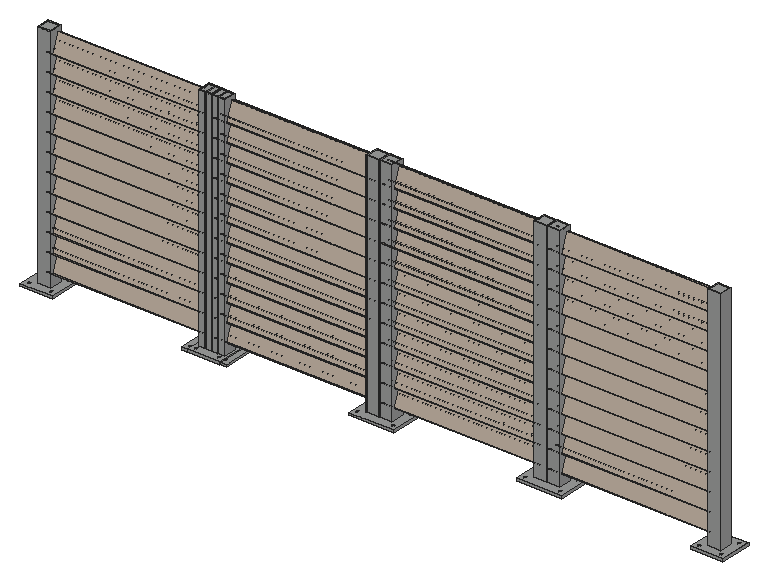
Revit family "LOUVERED_VINYL_PLANK_PANEL_ARRAY", category Specialty Equipment, Revit 2026
Family settings
  Round Connector Dimension = Use Diameter
  Part Type = Normal
  Classification Number = 23.55.00.00
  Enable Cutting in Views = No
  Cut with Voids When Loaded = No
  Maintain Annotation Orientation = No
  Shared = No
  Room Calculation Point = No
Parameters (values of type "Assembly")
  Warranty URL = "https://palmshieldlouvers.com/wp-content/uploads/2020/01/PalmSHIELD-Warranty-NO-SIGN-LINE.pdf"
  Version = "2020 - v1.0a"  # constant formula
  URL = "https://palmshieldlouvers.com/"
  Type Comments = ""
  Start Post [instance] = yes
  Product Page URL = "https://palmshieldlouvers.com/products/mercury-eco-louvers/"
  Product Documentation Link = "https://palmshieldlouvers.com/wp-content/uploads/2022/01/Mercury-Economic-Aluminum-Vinyl-Technical-Data.pdf"
  Post Finish = Metal - PalmSHIELD - Dusty Grey
  Panel Width [instance] = if(Desired Panel Width > C Max Panel Width, C Max Panel Width, if(Desired Panel Width < C Min Panel Width, C Min Panel Width, Desired Panel Width))  # 4' - 0"
  Panel Height [instance] = if(Desired Panel Height > C Max Panel Height, C Max Panel Height, if(Desired Panel Height < C Min Panel Height, C Min Panel Height, Desired Panel Height))  # 6' - 0"
  Model = "Mercury Economic Louver - Vinyl"  # constant formula
  Manufacturer Phone Number = "531-329-4406 "  # constant formula
  Manufacturer Email = "mailto: info@palmshieldlouvers.com"
  Manufacturer Address = "12330 Cary Circle, La Vista, NE 68128"  # constant formula
  Manufacturer = "PalmSHIELD"  # constant formula
  Louver Finsh = Metal - PalmSHIELD - Grey Beige
  Start Post Position [instance] = 1
  Keynote = "05 10 00"
  Instruction Sheet Link = "https://palmshieldlouvers.com/wp-content/uploads/2021/09/PalmSHIELD-Mercury-Series-Post-Panel-Gate-Installation-Instructions-2.docx"
  ID [instance] = "Not Assigned"
  Frame Finish = Metal - PalmSHIELD - Dusty Grey
  Filler Panel [instance] = yes
  End Post Position [instance] = 1
  End Post [instance] = yes
  Desired Panel Width [instance] = 4' - 0"
  Desired Panel Height [instance] = 6' - 0"
  Real Length [instance] = if([built-in parameter 1001306] < (C Post Width + C Min Panel Width), (C Post Width + C Min Panel Width), [built-in parameter 1001306])  # 17' - 4"
  Description = "Mercury Economic Louver - Vinyl"  # constant formula
  built-in parameter 1001306 [instance] = 17' - 4"
  Copyright = "Copyright ©2024 The American Fence Company and PalmSHIELD. All Rights Reserved."  # constant formula
  Component Name [instance] = "Mercury Economic Louver - Vinyl"  # constant formula
  C Single Post [instance] = if(C Condition Double, 1 = 1, if(and(End Post, C Condition Single), 1 = 1, 1 = 0))  # no
  C Single Panel [instance] = or(C Condition Double, C Condition Single)  # no
  C Post Width [instance] = 0' - 4"  # constant formula
  C Multiple Post [instance] = (C Condition Multiple)  # yes
  C Multiple Panels [instance] = (C Condition Multiple)  # yes
  C Min Panel Width [instance] = 4' - 0"  # constant formula
  C Min Panel Height [instance] = C Min Panel Width  # 4' - 0"
  C Max Panel Width [instance] = 5' - 0"  # constant formula
  C Max Panel Height [instance] = 8' - 0"  # constant formula
  C Filler Post [instance] = and(not(C Condition Single), Filler Panel, End Post, or(C Filler Panel Width = C Min Panel Width, C Filler Panel Width > C Min Panel Width))  # yes
  C Filler Panel Width Calculated [instance] = Real Length - C Calculated Total Length - Panel Width - C Post Width  # 4' - 0"
  C Filler Panel Width [instance] = if(C Filler Panel Width Calculated < C Min Panel Width, C Min Panel Width, if(C Filler Panel Width Calculated > C Max Panel Width, C Max Panel Width, C Filler Panel Width Calculated))  # 4' - 0"
  C Filler Panel [instance] = and(not(C Condition Single), Filler Panel, or(C Filler Panel Width = C Min Panel Width, C Filler Panel Width > C Min Panel Width))  # yes
  C Condition Single [instance] = C Array Count < 1  # no
  C Condition Multiple [instance] = C Array Count > 1  # yes
  C Condition Double [instance] = C Array Count = 1  # no
  C Complete Post [instance] = and(not(C Condition Single), not(Filler Panel), End Post)  # no
  C Complete Panel [instance] = and(not(C Condition Single), not(Filler Panel))  # no
  C Calculated Total Length [instance] = if(C Array Count < 1, 0' 0", if(C Array Count = 1, C Post Width, Panel Width * (C Array Safe - 1) + C Post Width * (C Array Safe)))  # 9' - 0"
  C Calculated Filler Panel Length [instance] = if(C Array Count < 1, 0' 0", if(or(C Array Count = 2, C Array Count = 1), C Post Width, if(Filler Panel, (C Calculated Total Length - C Post Width - C Filler Panel Width), (C Calculated Total Length - C Post Width - Panel Width))))  # 4' - 8"
  C Array Safe [instance] = if(C Array Count < 2, 2, C Array Count)  # 3
  C Array Count [instance] = if(Filler Panel, roundup(((Real Length - C Min Panel Width) / (Panel Width + C Post Width)) - 1), roundup(((Real Length - (Panel Width)) / (Panel Width + C Post Width)) - 1))  # 3
  Assembly Code = "F1020100"
Reference planes (in)
  plane 1 "Center (Front/Back)": y = 0
  plane 2: z = 0
  plane 3 "Left": x = 0
  plane 4 "Right": x = 208
  plane 5 "Top": z = 72
  plane 6: x = 48
  plane 7: x = 52
  plane 8: x = 100
  plane 9: x = 104
  plane 10: x = -4
  plane 11: x = 156
  plane 12: x = 52
  plane 13: x = 204
  plane 14: x = 204
  plane 15: x = -2
  plane 16: x = 208
  plane 17: x = 206
  plane 18: x = 206
  plane 19: x = 208
  plane 20: x = 50
  plane 21: x = 102
  plane 22: y = -2
  plane 23: y = 2
Lines and regions (in)
  reference lines
    curve 1: line (0, 0, 0) -> (208, 0, 0)
Dimensions and locks (in)
  "built-in parameter 1001306": plane 3 "Left" to plane 4 "Right"
  "Panel Width": plane 6 to plane 3 "Left"
  "C Post Width": plane 7 to plane 6
  "Panel Width": plane 8 to plane 7
  "C Post Width": plane 9 to plane 8
  "C Post Width": plane 3 "Left" to plane 10
  "C Calculated Filler Panel Length": plane 12 to plane 10
  "C Filler Panel Width": plane 13 to plane 11
  "Panel Width": plane 14 to plane 11
  "C Calculated Total Length": plane 11 to plane 6
  equal spacing: plane 10, plane 15, plane 3 "Left"
  equal spacing: plane 16, plane 17, plane 13
  "C Post Width": plane 16 to plane 13
  equal spacing: plane 19, plane 18, plane 14
  "C Post Width": plane 19 to plane 14
  equal spacing: plane 9, plane 21, plane 8
  equal spacing: plane 7, plane 20, plane 6
  equal spacing: plane 22, plane 1 "Center (Front/Back)", plane 23
  "C Post Width": plane 22 to plane 23
  equal spacing: group 1, group 2, group 3  (x3)
  "Panel Height": plane 5 "Top" to level
  equal spacing: group 4, group 5, group 6  (x3)
  aligned and locked: plane 4 "Right" to curve 1
  aligned and locked: plane 1 "Center (Front/Back)" to curve 1
  aligned and locked: plane 3 "Left" to curve 1
  aligned and locked: level to plane 2
  aligned and locked: plane 15 to nested 1
  aligned and locked: nested 1 to plane 1 "Center (Front/Back)"
  aligned and locked: plane 3 "Left" to nested 2
  aligned and locked: nested 4 to plane 14
  aligned and locked: plane 1 "Center (Front/Back)" to nested 6
  aligned and locked: plane 1 "Center (Front/Back)" to nested 5
  aligned and locked: plane 1 "Center (Front/Back)" to nested 8
  aligned and locked: plane 1 "Center (Front/Back)" to nested 9
  aligned and locked: plane 17 to nested 6
  aligned and locked: plane 18 to nested 5
  aligned and locked: plane 20 to nested 8
  aligned and locked: plane 22 to nested 4
  aligned and locked: plane 22 to nested 2
  aligned and locked: plane 20 to nested 9
  aligned and locked: plane 21 to nested 10
  aligned and locked: plane 1 "Center (Front/Back)" to nested 10
  aligned and locked: plane 3 "Left" to nested 7
  aligned and locked: plane 1 "Center (Front/Back)" to nested 7
  aligned and locked: plane 11 to nested 3
  aligned and locked: plane 1 "Center (Front/Back)" to nested 3
  aligned and locked: plane 7 to nested 33
  aligned and locked: plane 1 "Center (Front/Back)" to nested 33
Nested families (in)
  nested 1: "Screening-Louver-Assembly-Post-Palmshield-Mercury_Economic_Louver-Aluminum" at (-2, 0, 0), Desired Overall Height <- "Panel Height", visible <- "Start Post", Component Vis <- "Start Post", ID <- "ID", Post Position <- "Start Post Position", type "Assembly"
    with Post Position 1, ID "Not Assigned", Height 6' - 0", Desired Overall Height 6' - 0", Component Vis yes, Component Name "Augustus - Aluminum - Square Post", C Min Height 3' - 4", C Max Height 8' - 0"
  nested 2: "Screening-Louver-Assembly-Panel-Palmshield-Mercury_Economic_Louver-Vinyl" at (0, -2, 0), Desired Overall Height <- "Panel Height", Desired Overall Width <- "Panel Width", visible <- "C Single Panel", Component Vis <- "C Single Panel", ID <- "ID", type "Assembly"
    with Width 4' - 0", ID "Not Assigned", Height 6' - 0", Desired Overall Width 4' - 0", Desired Overall Height 6' - 0", Desired Bottom Angle 0.00°, Component Vis no, Component Name "Mercury Economic Louver - Vinyl", C Min Width 4' - 0", C Min Height 4' - 0", C Max Width 5' - 0", C Max Height 8' - 0", C Angle 0.00°
  nested 3: "Screening-Louver-Assembly-Panel-Palmshield-Mercury_Economic_Louver-Vinyl" at (156, 0, 0), Desired Overall Height <- "Panel Height", Desired Overall Width <- "C Filler Panel Width", visible <- "C Filler Panel", Component Vis <- "C Filler Panel", ID <- "ID", type "Assembly"
    with Width 4' - 0", ID "Not Assigned", Height 6' - 0", Desired Overall Width 4' - 0", Desired Overall Height 6' - 0", Desired Bottom Angle 0.00°, Component Vis yes, Component Name "Mercury Economic Louver - Vinyl", C Min Width 4' - 0", C Min Height 4' - 0", C Max Width 5' - 0", C Max Height 8' - 0", C Angle 0.00°
  nested 4: "Screening-Louver-Assembly-Panel-Palmshield-Mercury_Economic_Louver-Vinyl" at (156, -2, 0), Desired Overall Height <- "Panel Height", Desired Overall Width <- "Panel Width", visible <- "C Complete Panel", Component Vis <- "C Complete Panel", ID <- "ID", type "Assembly"
    with Width 4' - 0", ID "Not Assigned", Height 6' - 0", Desired Overall Width 4' - 0", Desired Overall Height 6' - 0", Desired Bottom Angle 0.00°, Component Vis no, Component Name "Mercury Economic Louver - Vinyl", C Min Width 4' - 0", C Min Height 4' - 0", C Max Width 5' - 0", C Max Height 8' - 0", C Angle 0.00°
  nested 5: "Screening-Louver-Assembly-Post-Palmshield-Mercury_Economic_Louver-Aluminum" at (206, 0, 0), Desired Overall Height <- "Panel Height", visible <- "C Complete Post", Component Vis <- "C Complete Post", ID <- "ID", type "Assembly"
    with Post Position 1, ID "Not Assigned", Height 6' - 0", Desired Overall Height 6' - 0", Component Vis no, Component Name "Augustus - Aluminum - Square Post", C Min Height 3' - 4", C Max Height 8' - 0"
  nested 6: "Screening-Louver-Assembly-Post-Palmshield-Mercury_Economic_Louver-Aluminum" at (206, 0, 0), Desired Overall Height <- "Panel Height", visible <- "C Filler Post", Component Vis <- "C Filler Post", ID <- "ID", Post Position <- "End Post Position", type "Assembly"
    with Post Position 1, ID "Not Assigned", Height 6' - 0", Desired Overall Height 6' - 0", Component Vis yes, Component Name "Augustus - Aluminum - Square Post", C Min Height 3' - 4", C Max Height 8' - 0"
  nested 7: "Screening-Louver-Assembly-Panel-Palmshield-Mercury_Economic_Louver-Vinyl" at (0, 0, 0), Desired Overall Height <- "Panel Height", Desired Overall Width <- "Panel Width", visible <- "C Multiple Panels", Component Vis <- "C Multiple Panels", ID <- "ID", type "Assembly"
    with Width 4' - 0", ID "Not Assigned", Height 6' - 0", Desired Overall Width 4' - 0", Desired Overall Height 6' - 0", Desired Bottom Angle 0.00°, Component Vis yes, Component Name "Mercury Economic Louver - Vinyl", C Min Width 4' - 0", C Min Height 4' - 0", C Max Width 5' - 0", C Max Height 8' - 0", C Angle 0.00°
  nested 8: "Screening-Louver-Assembly-Post-Palmshield-Mercury_Economic_Louver-Aluminum" at (50, 0, 0), Desired Overall Height <- "Panel Height", visible <- "C Multiple Post", Component Vis <- "C Multiple Post", ID <- "ID", type "Assembly"
    with Post Position 2, ID "Not Assigned", Height 6' - 0", Desired Overall Height 6' - 0", Component Vis yes, Component Name "Augustus - Aluminum - Square Post", C Min Height 3' - 4", C Max Height 8' - 0"
  nested 9: "Screening-Louver-Assembly-Post-Palmshield-Mercury_Economic_Louver-Aluminum" at (50, 0, 0), Desired Overall Height <- "Panel Height", visible <- "C Single Post", Component Vis <- "C Single Post", ID <- "ID", type "Assembly"
    with Post Position 2, ID "Not Assigned", Height 6' - 0", Desired Overall Height 6' - 0", Component Vis no, Component Name "Augustus - Aluminum - Square Post", C Min Height 3' - 4", C Max Height 8' - 0"
  nested 10: "Screening-Louver-Assembly-Post-Palmshield-Mercury_Economic_Louver-Aluminum" at (102, 0, 0), Desired Overall Height <- "Panel Height", visible <- "C Multiple Post", Component Vis <- "C Multiple Post", ID <- "ID", type "Assembly"
    with Post Position 2, ID "Not Assigned", Height 6' - 0", Desired Overall Height 6' - 0", Component Vis yes, Component Name "Augustus - Aluminum - Square Post", C Min Height 3' - 4", C Max Height 8' - 0"
  nested 11: "Screening-Louver-Assembly-Post-Palmshield-Mercury_Economic_Louver-Aluminum" at (154, 0, 0), Desired Overall Height <- "Panel Height", visible <- "C Multiple Post", Component Vis <- "C Multiple Post", ID <- "ID", type "Assembly"
    with Post Position 2, ID "Not Assigned", Height 6' - 0", Desired Overall Height 6' - 0", Component Vis yes, Component Name "Augustus - Aluminum - Square Post", C Min Height 3' - 4", C Max Height 8' - 0"
  nested 12: "Nested-Base_Plate-Palmshield-Mercury_Economic" at (206, 0, 0), type "10" x 10" x 3/4""
    with Material Metal - PalmSHIELD - Dusty Grey, ID "Not Assigned", Component Name "Mercury Economic - Aluminum - Base Plate"
  nested 13: "Nested-Square_Post-Aluminum-Palmshield-Mercury_Economic" at (206, 0, 0.75), type "4" X 4" X 1/8" SQ. TUBE"
    with Material Metal - PalmSHIELD - Dusty Grey, Length 5' - 11 1/4", ID "Not Assigned", Component Name "Mercury Economic - Aluminum - Square Post"
  nested 14: "Nested-Base_Plate-Palmshield-Mercury_Economic" at (50, 0, 0), type "10" x 10" x 3/4""
    with Material Metal - PalmSHIELD - Dusty Grey, ID "Not Assigned", Component Name "Mercury Economic - Aluminum - Base Plate"
  nested 15: "Nested-Square_Post-Aluminum-Palmshield-Mercury_Economic" at (50, 0, 0.75), type "4" X 4" X 1/8" SQ. TUBE"
    with Material Metal - PalmSHIELD - Dusty Grey, Length 5' - 11 1/4", ID "Not Assigned", Component Name "Mercury Economic - Aluminum - Square Post"
  nested 16: "Nested-Top_Cap-Palmshield-Mercury_Economic" at (206, 0, 72) x (1, 0, 0) z (0, 0, -1), type "3 3/4" x 3 3/4" x 1/8""
    with Material Metal - PalmSHIELD - Dusty Grey, ID "Not Assigned", Component Name "Mercury Economic - Aluminum - Square Top Cap"
  nested 17: "Nested-Base_Plate-Palmshield-Mercury_Economic" at (206, 0, 0), type "10" x 10" x 3/4""
    with Material Metal - PalmSHIELD - Dusty Grey, ID "Not Assigned", Component Name "Mercury Economic - Aluminum - Base Plate"
  nested 18: "Nested-Square_Post-Aluminum-Palmshield-Mercury_Economic" at (206, 0, 0.75), type "4" X 4" X 1/8" SQ. TUBE"
    with Material Metal - PalmSHIELD - Dusty Grey, Length 5' - 11 1/4", ID "Not Assigned", Component Name "Mercury Economic - Aluminum - Square Post"
  nested 19: "Nested-Top_Cap-Palmshield-Mercury_Economic" at (206, 0, 72) x (1, 0, 0) z (0, 0, -1), type "3 3/4" x 3 3/4" x 1/8""
    with Material Metal - PalmSHIELD - Dusty Grey, ID "Not Assigned", Component Name "Mercury Economic - Aluminum - Square Top Cap"
  nested 20: "Nested-Top_Cap-Palmshield-Mercury_Economic" at (50, 0, 72) x (1, 0, 0) z (0, 0, -1), type "3 3/4" x 3 3/4" x 1/8""
    with Material Metal - PalmSHIELD - Dusty Grey, ID "Not Assigned", Component Name "Mercury Economic - Aluminum - Square Top Cap"
  nested 21: "Nested-Base_Plate-Palmshield-Mercury_Economic" at (50, 0, 0), type "10" x 14" x 3/4""
    with Material Metal - PalmSHIELD - Dusty Grey, ID "Not Assigned", Component Name "Mercury Economic - Aluminum - Base Plate"
  nested 22: "Nested-Square_Post-Aluminum-Palmshield-Mercury_Economic" at (48, 0, 0.75), type "4" X 4" X 1/8" SQ. TUBE"
    with Material Metal - PalmSHIELD - Dusty Grey, Length 5' - 11 1/4", ID "Not Assigned", Component Name "Mercury Economic - Aluminum - Square Post"
  nested 23: "Nested-Square_Post-Aluminum-Palmshield-Mercury_Economic" at (52, 0, 0.75), type "4" X 4" X 1/8" SQ. TUBE"
    with Material Metal - PalmSHIELD - Dusty Grey, Length 5' - 11 1/4", ID "Not Assigned", Component Name "Mercury Economic - Aluminum - Square Post"
  nested 24: "Nested-Base_Plate-Palmshield-Mercury_Economic" at (102, 0, 0), type "10" x 14" x 3/4""
    with Material Metal - PalmSHIELD - Dusty Grey, ID "Not Assigned", Component Name "Mercury Economic - Aluminum - Base Plate"
  nested 25: "Nested-Square_Post-Aluminum-Palmshield-Mercury_Economic" at (100, 0, 0.75), type "4" X 4" X 1/8" SQ. TUBE"
    with Material Metal - PalmSHIELD - Dusty Grey, Length 5' - 11 1/4", ID "Not Assigned", Component Name "Mercury Economic - Aluminum - Square Post"
  nested 26: "Nested-Square_Post-Aluminum-Palmshield-Mercury_Economic" at (104, 0, 0.75), type "4" X 4" X 1/8" SQ. TUBE"
    with Material Metal - PalmSHIELD - Dusty Grey, Length 5' - 11 1/4", ID "Not Assigned", Component Name "Mercury Economic - Aluminum - Square Post"
  nested 27: "Nested-Base_Plate-Palmshield-Mercury_Economic" at (154, 0, 0), type "10" x 14" x 3/4""
    with Material Metal - PalmSHIELD - Dusty Grey, ID "Not Assigned", Component Name "Mercury Economic - Aluminum - Base Plate"
  nested 28: "Nested-Square_Post-Aluminum-Palmshield-Mercury_Economic" at (152, 0, 0.75), type "4" X 4" X 1/8" SQ. TUBE"
    with Material Metal - PalmSHIELD - Dusty Grey, Length 5' - 11 1/4", ID "Not Assigned", Component Name "Mercury Economic - Aluminum - Square Post"
  nested 29: "Nested-Square_Post-Aluminum-Palmshield-Mercury_Economic" at (156, 0, 0.75), type "4" X 4" X 1/8" SQ. TUBE"
    with Material Metal - PalmSHIELD - Dusty Grey, Length 5' - 11 1/4", ID "Not Assigned", Component Name "Mercury Economic - Aluminum - Square Post"
  nested 30: "Nested-Base_Plate-Palmshield-Mercury_Economic" at (-2, 0, 0), type "10" x 10" x 3/4""
    with Material Metal - PalmSHIELD - Dusty Grey, ID "Not Assigned", Component Name "Mercury Economic - Aluminum - Base Plate"
  nested 31: "Nested-Square_Post-Aluminum-Palmshield-Mercury_Economic" at (-2, 0, 0.75), type "4" X 4" X 1/8" SQ. TUBE"
    with Material Metal - PalmSHIELD - Dusty Grey, Length 5' - 11 1/4", ID "Not Assigned", Component Name "Mercury Economic - Aluminum - Square Post"
  nested 32: "Nested-Top_Cap-Palmshield-Mercury_Economic" at (-2, 0, 72) x (1, 0, 0) z (0, 0, -1), type "3 3/4" x 3 3/4" x 1/8""
    with Material Metal - PalmSHIELD - Dusty Grey, ID "Not Assigned", Component Name "Mercury Economic - Aluminum - Square Top Cap"
  nested 33: "Screening-Louver-Assembly-Panel-Palmshield-Mercury_Economic_Louver-Vinyl" at (52, 0, 0), Desired Overall Height <- "Panel Height", Desired Overall Width <- "Panel Width", visible <- "C Multiple Panels", Component Vis <- "C Multiple Panels", ID <- "ID", type "Assembly"
    with Width 4' - 0", ID "Not Assigned", Height 6' - 0", Desired Overall Width 4' - 0", Desired Overall Height 6' - 0", Desired Bottom Angle 0.00°, Component Vis yes, Component Name "Mercury Economic Louver - Vinyl", C Min Width 4' - 0", C Min Height 4' - 0", C Max Width 5' - 0", C Max Height 8' - 0", C Angle 0.00°
  nested 34: "Screening-Louver-Assembly-Panel-Palmshield-Mercury_Economic_Louver-Vinyl" at (104, 0, 0), Desired Overall Height <- "Panel Height", Desired Overall Width <- "Panel Width", visible <- "C Multiple Panels", Component Vis <- "C Multiple Panels", ID <- "ID", type "Assembly"
    with Width 4' - 0", ID "Not Assigned", Height 6' - 0", Desired Overall Width 4' - 0", Desired Overall Height 6' - 0", Desired Bottom Angle 0.00°, Component Vis yes, Component Name "Mercury Economic Louver - Vinyl", C Min Width 4' - 0", C Min Height 4' - 0", C Max Width 5' - 0", C Max Height 8' - 0", C Angle 0.00°
  nested 35: "Nested-Louvers-Palmshield-Mercury_Economic_Vinyl" at (154.1875, -0.61494, 9.5476) x (0, 1, 0) z (1, 0, 0), type "7/8" X 6" VINYL INFILL SLAT"
    with Material Metal - PalmSHIELD - Grey Beige, Length 4' - 3 5/8", ID "Not Assigned", Component Name "Mercury Economic - Vinyl - Louvers"
  nested 36: "Nested-Louvers-Palmshield-Mercury_Economic_Vinyl" at (154.1875, -0.61494, 15.09914) x (0, 1, 0) z (1, 0, 0), type "7/8" X 6" VINYL INFILL SLAT"
    with Material Metal - PalmSHIELD - Grey Beige, Length 4' - 3 5/8", ID "Not Assigned", Component Name "Mercury Economic - Vinyl - Louvers"
  nested 37: "Nested-Louvers-Palmshield-Mercury_Economic_Vinyl" at (154.1875, -0.61494, 20.65068) x (0, 1, 0) z (1, 0, 0), type "7/8" X 6" VINYL INFILL SLAT"
    with Material Metal - PalmSHIELD - Grey Beige, Length 4' - 3 5/8", ID "Not Assigned", Component Name "Mercury Economic - Vinyl - Louvers"
  nested 38: "Nested-Louvers-Palmshield-Mercury_Economic_Vinyl" at (154.1875, -0.61494, 26.20222) x (0, 1, 0) z (1, 0, 0), type "7/8" X 6" VINYL INFILL SLAT"
    with Material Metal - PalmSHIELD - Grey Beige, Length 4' - 3 5/8", ID "Not Assigned", Component Name "Mercury Economic - Vinyl - Louvers"
  nested 39: "Nested-Louvers-Palmshield-Mercury_Economic_Vinyl" at (154.1875, -0.61494, 31.75376) x (0, 1, 0) z (1, 0, 0), type "7/8" X 6" VINYL INFILL SLAT"
    with Material Metal - PalmSHIELD - Grey Beige, Length 4' - 3 5/8", ID "Not Assigned", Component Name "Mercury Economic - Vinyl - Louvers"
  nested 40: "Nested-Louvers-Palmshield-Mercury_Economic_Vinyl" at (154.1875, -0.61494, 37.3053) x (0, 1, 0) z (1, 0, 0), type "7/8" X 6" VINYL INFILL SLAT"
    with Material Metal - PalmSHIELD - Grey Beige, Length 4' - 3 5/8", ID "Not Assigned", Component Name "Mercury Economic - Vinyl - Louvers"
  nested 41: "Nested-Louvers-Palmshield-Mercury_Economic_Vinyl" at (154.1875, -0.61494, 42.85684) x (0, 1, 0) z (1, 0, 0), type "7/8" X 6" VINYL INFILL SLAT"
    with Material Metal - PalmSHIELD - Grey Beige, Length 4' - 3 5/8", ID "Not Assigned", Component Name "Mercury Economic - Vinyl - Louvers"
  nested 42: "Nested-Louvers-Palmshield-Mercury_Economic_Vinyl" at (154.1875, -0.61494, 48.40838) x (0, 1, 0) z (1, 0, 0), type "7/8" X 6" VINYL INFILL SLAT"
    with Material Metal - PalmSHIELD - Grey Beige, Length 4' - 3 5/8", ID "Not Assigned", Component Name "Mercury Economic - Vinyl - Louvers"
  nested 43: "Nested-Louvers-Palmshield-Mercury_Economic_Vinyl" at (154.1875, -0.61494, 53.95991) x (0, 1, 0) z (1, 0, 0), type "7/8" X 6" VINYL INFILL SLAT"
    with Material Metal - PalmSHIELD - Grey Beige, Length 4' - 3 5/8", ID "Not Assigned", Component Name "Mercury Economic - Vinyl - Louvers"
  nested 44: "Nested-Louvers-Palmshield-Mercury_Economic_Vinyl" at (154.1875, -0.61494, 59.51145) x (0, 1, 0) z (1, 0, 0), type "7/8" X 6" VINYL INFILL SLAT"
    with Material Metal - PalmSHIELD - Grey Beige, Length 4' - 3 5/8", ID "Not Assigned", Component Name "Mercury Economic - Vinyl - Louvers"
  nested 45: "Nested-Louvers-Palmshield-Mercury_Economic_Vinyl" at (154.1875, -0.61494, 3.99606) x (0, 1, 0) z (1, 0, 0), type "7/8" X 6" VINYL INFILL SLAT"
    with Material Metal - PalmSHIELD - Grey Beige, Length 4' - 3 5/8", ID "Not Assigned", Component Name "Mercury Economic - Vinyl - Louvers"
  nested 46: "Nested-Louvers-Palmshield-Mercury_Economic_Vinyl" at (154.1875, -0.61494, 65.06299) x (0, 1, 0) z (1, 0, 0), type "7/8" X 6" VINYL INFILL SLAT"
    with Material Metal - PalmSHIELD - Grey Beige, Length 4' - 3 5/8", ID "Not Assigned", Component Name "Mercury Economic - Vinyl - Louvers"
  nested 47: "Nested-Louvers-Palmshield-Mercury_Economic_Vinyl" at (102.1875, -0.61494, 9.5476) x (0, 1, 0) z (1, 0, 0), type "7/8" X 6" VINYL INFILL SLAT"
    with Material Metal - PalmSHIELD - Grey Beige, Length 4' - 3 5/8", ID "Not Assigned", Component Name "Mercury Economic - Vinyl - Louvers"
  nested 48: "Nested-Louvers-Palmshield-Mercury_Economic_Vinyl" at (102.1875, -0.61494, 15.09914) x (0, 1, 0) z (1, 0, 0), type "7/8" X 6" VINYL INFILL SLAT"
    with Material Metal - PalmSHIELD - Grey Beige, Length 4' - 3 5/8", ID "Not Assigned", Component Name "Mercury Economic - Vinyl - Louvers"
  nested 49: "Nested-Louvers-Palmshield-Mercury_Economic_Vinyl" at (102.1875, -0.61494, 20.65068) x (0, 1, 0) z (1, 0, 0), type "7/8" X 6" VINYL INFILL SLAT"
    with Material Metal - PalmSHIELD - Grey Beige, Length 4' - 3 5/8", ID "Not Assigned", Component Name "Mercury Economic - Vinyl - Louvers"
  nested 50: "Nested-Louvers-Palmshield-Mercury_Economic_Vinyl" at (102.1875, -0.61494, 26.20222) x (0, 1, 0) z (1, 0, 0), type "7/8" X 6" VINYL INFILL SLAT"
    with Material Metal - PalmSHIELD - Grey Beige, Length 4' - 3 5/8", ID "Not Assigned", Component Name "Mercury Economic - Vinyl - Louvers"
  nested 51: "Nested-Louvers-Palmshield-Mercury_Economic_Vinyl" at (102.1875, -0.61494, 31.75376) x (0, 1, 0) z (1, 0, 0), type "7/8" X 6" VINYL INFILL SLAT"
    with Material Metal - PalmSHIELD - Grey Beige, Length 4' - 3 5/8", ID "Not Assigned", Component Name "Mercury Economic - Vinyl - Louvers"
  nested 52: "Nested-Louvers-Palmshield-Mercury_Economic_Vinyl" at (102.1875, -0.61494, 37.3053) x (0, 1, 0) z (1, 0, 0), type "7/8" X 6" VINYL INFILL SLAT"
    with Material Metal - PalmSHIELD - Grey Beige, Length 4' - 3 5/8", ID "Not Assigned", Component Name "Mercury Economic - Vinyl - Louvers"
  nested 53: "Nested-Louvers-Palmshield-Mercury_Economic_Vinyl" at (102.1875, -0.61494, 42.85684) x (0, 1, 0) z (1, 0, 0), type "7/8" X 6" VINYL INFILL SLAT"
    with Material Metal - PalmSHIELD - Grey Beige, Length 4' - 3 5/8", ID "Not Assigned", Component Name "Mercury Economic - Vinyl - Louvers"
  nested 54: "Nested-Louvers-Palmshield-Mercury_Economic_Vinyl" at (102.1875, -0.61494, 48.40838) x (0, 1, 0) z (1, 0, 0), type "7/8" X 6" VINYL INFILL SLAT"
    with Material Metal - PalmSHIELD - Grey Beige, Length 4' - 3 5/8", ID "Not Assigned", Component Name "Mercury Economic - Vinyl - Louvers"
  nested 55: "Nested-Louvers-Palmshield-Mercury_Economic_Vinyl" at (102.1875, -0.61494, 53.95991) x (0, 1, 0) z (1, 0, 0), type "7/8" X 6" VINYL INFILL SLAT"
    with Material Metal - PalmSHIELD - Grey Beige, Length 4' - 3 5/8", ID "Not Assigned", Component Name "Mercury Economic - Vinyl - Louvers"
  nested 56: "Nested-Louvers-Palmshield-Mercury_Economic_Vinyl" at (102.1875, -0.61494, 59.51145) x (0, 1, 0) z (1, 0, 0), type "7/8" X 6" VINYL INFILL SLAT"
    with Material Metal - PalmSHIELD - Grey Beige, Length 4' - 3 5/8", ID "Not Assigned", Component Name "Mercury Economic - Vinyl - Louvers"
  nested 57: "Nested-Louvers-Palmshield-Mercury_Economic_Vinyl" at (102.1875, -0.61494, 3.99606) x (0, 1, 0) z (1, 0, 0), type "7/8" X 6" VINYL INFILL SLAT"
    with Material Metal - PalmSHIELD - Grey Beige, Length 4' - 3 5/8", ID "Not Assigned", Component Name "Mercury Economic - Vinyl - Louvers"
  nested 58: "Nested-Louvers-Palmshield-Mercury_Economic_Vinyl" at (102.1875, -0.61494, 65.06299) x (0, 1, 0) z (1, 0, 0), type "7/8" X 6" VINYL INFILL SLAT"
    with Material Metal - PalmSHIELD - Grey Beige, Length 4' - 3 5/8", ID "Not Assigned", Component Name "Mercury Economic - Vinyl - Louvers"
  nested 59: "Nested-Louvers-Palmshield-Mercury_Economic_Vinyl" at (-1.8125, -0.61494, 9.5476) x (0, 1, 0) z (1, 0, 0), type "7/8" X 6" VINYL INFILL SLAT"
    with Material Metal - PalmSHIELD - Grey Beige, Length 4' - 3 5/8", ID "Not Assigned", Component Name "Mercury Economic - Vinyl - Louvers"
  nested 60: "Nested-Louvers-Palmshield-Mercury_Economic_Vinyl" at (-1.8125, -0.61494, 15.09914) x (0, 1, 0) z (1, 0, 0), type "7/8" X 6" VINYL INFILL SLAT"
    with Material Metal - PalmSHIELD - Grey Beige, Length 4' - 3 5/8", ID "Not Assigned", Component Name "Mercury Economic - Vinyl - Louvers"
  nested 61: "Nested-Louvers-Palmshield-Mercury_Economic_Vinyl" at (-1.8125, -0.61494, 20.65068) x (0, 1, 0) z (1, 0, 0), type "7/8" X 6" VINYL INFILL SLAT"
    with Material Metal - PalmSHIELD - Grey Beige, Length 4' - 3 5/8", ID "Not Assigned", Component Name "Mercury Economic - Vinyl - Louvers"
  nested 62: "Nested-Louvers-Palmshield-Mercury_Economic_Vinyl" at (-1.8125, -0.61494, 26.20222) x (0, 1, 0) z (1, 0, 0), type "7/8" X 6" VINYL INFILL SLAT"
    with Material Metal - PalmSHIELD - Grey Beige, Length 4' - 3 5/8", ID "Not Assigned", Component Name "Mercury Economic - Vinyl - Louvers"
  nested 63: "Nested-Louvers-Palmshield-Mercury_Economic_Vinyl" at (-1.8125, -0.61494, 31.75376) x (0, 1, 0) z (1, 0, 0), type "7/8" X 6" VINYL INFILL SLAT"
    with Material Metal - PalmSHIELD - Grey Beige, Length 4' - 3 5/8", ID "Not Assigned", Component Name "Mercury Economic - Vinyl - Louvers"
  nested 64: "Nested-Louvers-Palmshield-Mercury_Economic_Vinyl" at (-1.8125, -0.61494, 37.3053) x (0, 1, 0) z (1, 0, 0), type "7/8" X 6" VINYL INFILL SLAT"
    with Material Metal - PalmSHIELD - Grey Beige, Length 4' - 3 5/8", ID "Not Assigned", Component Name "Mercury Economic - Vinyl - Louvers"
  nested 65: "Nested-Louvers-Palmshield-Mercury_Economic_Vinyl" at (-1.8125, -0.61494, 42.85684) x (0, 1, 0) z (1, 0, 0), type "7/8" X 6" VINYL INFILL SLAT"
    with Material Metal - PalmSHIELD - Grey Beige, Length 4' - 3 5/8", ID "Not Assigned", Component Name "Mercury Economic - Vinyl - Louvers"
  nested 66: "Nested-Louvers-Palmshield-Mercury_Economic_Vinyl" at (-1.8125, -0.61494, 48.40838) x (0, 1, 0) z (1, 0, 0), type "7/8" X 6" VINYL INFILL SLAT"
    with Material Metal - PalmSHIELD - Grey Beige, Length 4' - 3 5/8", ID "Not Assigned", Component Name "Mercury Economic - Vinyl - Louvers"
  nested 67: "Nested-Louvers-Palmshield-Mercury_Economic_Vinyl" at (-1.8125, -0.61494, 53.95991) x (0, 1, 0) z (1, 0, 0), type "7/8" X 6" VINYL INFILL SLAT"
    with Material Metal - PalmSHIELD - Grey Beige, Length 4' - 3 5/8", ID "Not Assigned", Component Name "Mercury Economic - Vinyl - Louvers"
  nested 68: "Nested-Louvers-Palmshield-Mercury_Economic_Vinyl" at (-1.8125, -0.61494, 59.51145) x (0, 1, 0) z (1, 0, 0), type "7/8" X 6" VINYL INFILL SLAT"
    with Material Metal - PalmSHIELD - Grey Beige, Length 4' - 3 5/8", ID "Not Assigned", Component Name "Mercury Economic - Vinyl - Louvers"
  nested 69: "Nested-Louvers-Palmshield-Mercury_Economic_Vinyl" at (-1.8125, -0.61494, 3.99606) x (0, 1, 0) z (1, 0, 0), type "7/8" X 6" VINYL INFILL SLAT"
    with Material Metal - PalmSHIELD - Grey Beige, Length 4' - 3 5/8", ID "Not Assigned", Component Name "Mercury Economic - Vinyl - Louvers"
  nested 70: "Nested-Louvers-Palmshield-Mercury_Economic_Vinyl" at (-1.8125, -0.61494, 65.06299) x (0, 1, 0) z (1, 0, 0), type "7/8" X 6" VINYL INFILL SLAT"
    with Material Metal - PalmSHIELD - Grey Beige, Length 4' - 3 5/8", ID "Not Assigned", Component Name "Mercury Economic - Vinyl - Louvers"
  nested 71: "Nested-Louvers-Palmshield-Mercury_Economic_Vinyl" at (50.1875, -0.61494, 9.5476) x (0, 1, 0) z (1, 0, 0), type "7/8" X 6" VINYL INFILL SLAT"
    with Material Metal - PalmSHIELD - Grey Beige, Length 4' - 3 5/8", ID "Not Assigned", Component Name "Mercury Economic - Vinyl - Louvers"
  nested 72: "Nested-Louvers-Palmshield-Mercury_Economic_Vinyl" at (50.1875, -0.61494, 15.09914) x (0, 1, 0) z (1, 0, 0), type "7/8" X 6" VINYL INFILL SLAT"
    with Material Metal - PalmSHIELD - Grey Beige, Length 4' - 3 5/8", ID "Not Assigned", Component Name "Mercury Economic - Vinyl - Louvers"
  nested 73: "Nested-Louvers-Palmshield-Mercury_Economic_Vinyl" at (50.1875, -0.61494, 20.65068) x (0, 1, 0) z (1, 0, 0), type "7/8" X 6" VINYL INFILL SLAT"
    with Material Metal - PalmSHIELD - Grey Beige, Length 4' - 3 5/8", ID "Not Assigned", Component Name "Mercury Economic - Vinyl - Louvers"
  nested 74: "Nested-Louvers-Palmshield-Mercury_Economic_Vinyl" at (50.1875, -0.61494, 26.20222) x (0, 1, 0) z (1, 0, 0), type "7/8" X 6" VINYL INFILL SLAT"
    with Material Metal - PalmSHIELD - Grey Beige, Length 4' - 3 5/8", ID "Not Assigned", Component Name "Mercury Economic - Vinyl - Louvers"
  nested 75: "Nested-Louvers-Palmshield-Mercury_Economic_Vinyl" at (50.1875, -0.61494, 31.75376) x (0, 1, 0) z (1, 0, 0), type "7/8" X 6" VINYL INFILL SLAT"
    with Material Metal - PalmSHIELD - Grey Beige, Length 4' - 3 5/8", ID "Not Assigned", Component Name "Mercury Economic - Vinyl - Louvers"
  nested 76: "Nested-Louvers-Palmshield-Mercury_Economic_Vinyl" at (50.1875, -0.61494, 37.3053) x (0, 1, 0) z (1, 0, 0), type "7/8" X 6" VINYL INFILL SLAT"
    with Material Metal - PalmSHIELD - Grey Beige, Length 4' - 3 5/8", ID "Not Assigned", Component Name "Mercury Economic - Vinyl - Louvers"
  nested 77: "Nested-Louvers-Palmshield-Mercury_Economic_Vinyl" at (50.1875, -0.61494, 42.85684) x (0, 1, 0) z (1, 0, 0), type "7/8" X 6" VINYL INFILL SLAT"
    with Material Metal - PalmSHIELD - Grey Beige, Length 4' - 3 5/8", ID "Not Assigned", Component Name "Mercury Economic - Vinyl - Louvers"
  nested 78: "Nested-Louvers-Palmshield-Mercury_Economic_Vinyl" at (50.1875, -0.61494, 48.40838) x (0, 1, 0) z (1, 0, 0), type "7/8" X 6" VINYL INFILL SLAT"
    with Material Metal - PalmSHIELD - Grey Beige, Length 4' - 3 5/8", ID "Not Assigned", Component Name "Mercury Economic - Vinyl - Louvers"
  nested 79: "Nested-Louvers-Palmshield-Mercury_Economic_Vinyl" at (50.1875, -0.61494, 53.95991) x (0, 1, 0) z (1, 0, 0), type "7/8" X 6" VINYL INFILL SLAT"
    with Material Metal - PalmSHIELD - Grey Beige, Length 4' - 3 5/8", ID "Not Assigned", Component Name "Mercury Economic - Vinyl - Louvers"
  nested 80: "Nested-Louvers-Palmshield-Mercury_Economic_Vinyl" at (50.1875, -0.61494, 59.51145) x (0, 1, 0) z (1, 0, 0), type "7/8" X 6" VINYL INFILL SLAT"
    with Material Metal - PalmSHIELD - Grey Beige, Length 4' - 3 5/8", ID "Not Assigned", Component Name "Mercury Economic - Vinyl - Louvers"
  nested 81: "Nested-Louvers-Palmshield-Mercury_Economic_Vinyl" at (50.1875, -0.61494, 3.99606) x (0, 1, 0) z (1, 0, 0), type "7/8" X 6" VINYL INFILL SLAT"
    with Material Metal - PalmSHIELD - Grey Beige, Length 4' - 3 5/8", ID "Not Assigned", Component Name "Mercury Economic - Vinyl - Louvers"
  nested 82: "Nested-Louvers-Palmshield-Mercury_Economic_Vinyl" at (50.1875, -0.61494, 65.06299) x (0, 1, 0) z (1, 0, 0), type "7/8" X 6" VINYL INFILL SLAT"
    with Material Metal - PalmSHIELD - Grey Beige, Length 4' - 3 5/8", ID "Not Assigned", Component Name "Mercury Economic - Vinyl - Louvers"
  nested 83: "Nested-Top_Cap-Palmshield-Mercury_Economic" at (48, 0, 72) x (1, 0, 0) z (0, 0, -1), type "3 3/4" x 3 3/4" x 1/8""
    with Material Metal - PalmSHIELD - Dusty Grey, ID "Not Assigned", Component Name "Mercury Economic - Aluminum - Square Top Cap"
  nested 84: "Nested-Top_Cap-Palmshield-Mercury_Economic" at (52, 0, 72) x (1, 0, 0) z (0, 0, -1), type "3 3/4" x 3 3/4" x 1/8""
    with Material Metal - PalmSHIELD - Dusty Grey, ID "Not Assigned", Component Name "Mercury Economic - Aluminum - Square Top Cap"
  nested 85: "Nested-Top_Cap-Palmshield-Mercury_Economic" at (100, 0, 72) x (1, 0, 0) z (0, 0, -1), type "3 3/4" x 3 3/4" x 1/8""
    with Material Metal - PalmSHIELD - Dusty Grey, ID "Not Assigned", Component Name "Mercury Economic - Aluminum - Square Top Cap"
  nested 86: "Nested-Top_Cap-Palmshield-Mercury_Economic" at (104, 0, 72) x (1, 0, 0) z (0, 0, -1), type "3 3/4" x 3 3/4" x 1/8""
    with Material Metal - PalmSHIELD - Dusty Grey, ID "Not Assigned", Component Name "Mercury Economic - Aluminum - Square Top Cap"
  nested 87: "Nested-Top_Cap-Palmshield-Mercury_Economic" at (152, 0, 72) x (1, 0, 0) z (0, 0, -1), type "3 3/4" x 3 3/4" x 1/8""
    with Material Metal - PalmSHIELD - Dusty Grey, ID "Not Assigned", Component Name "Mercury Economic - Aluminum - Square Top Cap"
  nested 88: "Nested-Top_Cap-Palmshield-Mercury_Economic" at (156, 0, 72) x (1, 0, 0) z (0, 0, -1), type "3 3/4" x 3 3/4" x 1/8""
    with Material Metal - PalmSHIELD - Dusty Grey, ID "Not Assigned", Component Name "Mercury Economic - Aluminum - Square Top Cap"
Definition of nested family "Nested-Base_Plate-Palmshield-Mercury_Economic"
  Parameters (values of type "10" x 14" x 3/4"")
    Width = if(Constraints = 1, 0' 10", 1' 2")  # 1' - 2"
    Warranty URL = "https://palmshieldlouvers.com/wp-content/uploads/2020/01/PalmSHIELD-Warranty-NO-SIGN-LINE.pdf"
    Version = "2020 - v1.0a"  # constant formula
    URL = "https://palmshieldlouvers.com/"
    Thickness = 0' - 0 3/4"  # constant formula
    Product Page URL = "Contact Manufacturer for More Information"
    Product Documentation Link = "Contact Manufacturer for More Information"
    Model = "Mercury Economic"  # constant formula
    Material [instance] = none
    Manufacturer Phone Number = "531-329-4406 "  # constant formula
    Manufacturer Fax Number = "Consult Manufacturer Website for More Information"  # constant formula
    Manufacturer Email = "mailto: info@palmshieldlouvers.com"
    Manufacturer Address = "12330 Cary Circle, La Vista, NE 68128"  # constant formula
    Manufacturer = "PalmSHIELD"  # constant formula
    Keynote = "05 10 00"
    Instruction Sheet Link = "Contact Manufacturer for More Information"
    ID [instance] = ""
    Hole Diameter = 0' - 0 3/4"  # constant formula
    Height = 0' - 10"  # constant formula
    Description = "Mercury Economic - Base Plate"  # constant formula
    Default Elevation = 4' - 0"
    Copyright = "Copyright ©2024 The American Fence Company and PalmSHIELD. All Rights Reserved."  # constant formula
    Constraints = 2
    Component Name [instance] = "Mercury Economic - Aluminum - Base Plate"  # constant formula
    C Hole Offset = 0' - 1 1/2"  # constant formula
    Assembly Code = "F1020100"
  Types (2): name | Width | Constraints
    10" x 10" x 3/4" | 0' - 10" | 1
    10" x 14" x 3/4" | 1' - 2" | 2
  Reference planes (in)
    plane 1 "Center (Front/Back)": y = 0
    plane 2: z = 0
    plane 3 "Center (Left/Right)": x = 0
    plane 4: y = 5
    plane 5: x = 7
    plane 6: y = -5
    plane 7: x = -7
    plane 8: z = 0.75
  Forms (in)
    Extrusion 1, solid
      sketch origin (0, 0, 0) x (1, 0, 0) y (0, 1, 0)
        loop
          line (-48, 48) -> (-48, -48) -> (48, -48) -> (48, 48) -> (-48, 48)
      from 0 to -12
    Extrusion 2, solid, material <- "Material"
      sketch origin (0, 0, 0) x (1, 0, 0) y (0, 1, 0)
        loop
          line (-7, 5) -> (-7, -5) -> (7, -5) -> (7, 5) -> (-7, 5)
        loop
          circle (-5.5, 3.5) r 0.375
        loop
          circle (5.5, 3.5) r 0.375
        loop
          circle (-5.5, -3.5) r 0.375
        loop
          circle (5.5, -3.5) r 0.375
      from 0 to 0.75
  Dimensions and locks (in)
    equal spacing: plane 7, plane 3 "Center (Left/Right)", plane 5
    equal spacing: plane 4, plane 1 "Center (Front/Back)", plane 6
    "Width": plane 7 to plane 5
    "Height": plane 4 to plane 6
    "C Hole Offset": plane 7 to Extrusion 2 sketch curve  (x2)
    "C Hole Offset": Extrusion 2 sketch curve to plane 5  (x2)
    "C Hole Offset": plane 4 to Extrusion 2 sketch curve  (x2)
    "C Hole Offset": plane 6 to Extrusion 2 sketch curve  (x2)
    "Thickness": plane 8 to plane 2
    "Width": Extrusion 2 to Extrusion 2
    "Hole Diameter": diameter of Extrusion 2 sketch curve  (x4)
    aligned and locked: plane 2 to Extrusion 1
    aligned and locked: level to Extrusion 1
    aligned and locked: Extrusion 2 sketch curve to plane 4
    aligned and locked: plane 7 to Extrusion 2 sketch curve
    aligned and locked: Extrusion 2 sketch curve to plane 6
    aligned and locked: Extrusion 2 sketch curve to plane 5
    aligned and locked: plane 8 to Extrusion 2
  Automatic sketch dimensions
    Extrusion 1 sketch curve to Extrusion 1 sketch curve = 8' - 0"  (x2)
Definition of nested family "Nested-Square_Post-Aluminum-Palmshield-Mercury_Economic"
  Parameters (values of type "4" X 4" X 1/8" SQ. TUBE")
    Width = 0' - 4"  # constant formula
    Warranty URL = "https://palmshieldlouvers.com/wp-content/uploads/2020/01/PalmSHIELD-Warranty-NO-SIGN-LINE.pdf"
    Version = "2020 - v1.0a"  # constant formula
    URL = "https://palmshieldlouvers.com/"
    Thickness = 0' - 0 1/8"  # constant formula
    Product Page URL = "Contact Manufacturer for More Information"
    Product Documentation Link = "Contact Manufacturer for More Information"
    Model = "Mercury Economic"  # constant formula
    Material [instance] = none
    Manufacturer Phone Number = "531-329-4406 "  # constant formula
    Manufacturer Fax Number = "Consult Manufacturer Website for More Information"  # constant formula
    Manufacturer Email = "mailto: info@palmshieldlouvers.com"
    Manufacturer Address = "12330 Cary Circle, La Vista, NE 68128"  # constant formula
    Manufacturer = "PalmSHIELD"  # constant formula
    Length [instance] = 4' - 4.86713"
    Keynote = "05 10 00"
    Instruction Sheet Link = "Contact Manufacturer for More Information"
    ID [instance] = ""
    Description = "Mercury Economic - Post"  # constant formula
    Default Elevation = 4' - 0"
    Copyright = "Copyright ©2024 The American Fence Company and PalmSHIELD. All Rights Reserved."  # constant formula
    Component Name [instance] = "Mercury Economic - Aluminum - Square Post"  # constant formula
    Assembly Code = "F1020100"
  Reference planes (in)
    plane 1 "Center (Front/Back)": y = 0
    plane 2: z = 0
    plane 3 "Center (Left/Right)": x = 0
    plane 4: z = 52.86713
    plane 5: x = 2
    plane 6: x = -2
  Forms (in)
    Extrusion 1, solid
      sketch origin (0, 0, 0) x (1, 0, 0) y (0, 1, 0)
        loop
          line (-48, 48) -> (-48, -48) -> (48, -48) -> (48, 48) -> (-48, 48)
      from 0 to -12
    Sweep 2, solid, material <- "Material"
      path origin (0, 0, 0) x (0, 1, 0) y (0, 0, 1)
        loop
          line (0, 0) -> (0, 52.86713)
      profile "Profile-Palmshield-Square : 4" X 4" X 1/8" SQ. TUBE" origin (0, 0, 26.43357) x (0, -1, 0) y (1, 0, 0)
        loop
          line (1.875, 1.875) -> (-1.875, 1.875) -> (-1.875, -1.875) -> (1.875, -1.875) -> (1.875, 1.875)
        loop
          line (-2, -2) -> (2, -2) -> (2, 2) -> (-2, 2) -> (-2, -2)
  Dimensions and locks (in)
    "Length": plane 4 to plane 2
    equal spacing: plane 5, plane 3 "Center (Left/Right)", plane 6
    "Width": plane 5 to plane 6
    aligned and locked: plane 2 to Extrusion 1
    aligned and locked: level to Extrusion 1
    aligned and locked: plane 1 "Center (Front/Back)" to Sweep 2 sketch curve
    aligned and locked: plane 4 to Sweep 2 sketch curve
  Automatic sketch dimensions
    Extrusion 1 sketch curve to Extrusion 1 sketch curve = 8' - 0"  (x2)
    Sweep 2 sketch curve to level = 0' - 0"
Definition of nested family "Nested-Top_Cap-Palmshield-Mercury_Economic"
  Parameters (values of type "3 3/4" x 3 3/4" x 1/8"")
    Width = 0' 4" - 2 * Thickness  # 0' - 3 3/4"
    Warranty URL = "https://palmshieldlouvers.com/wp-content/uploads/2020/01/PalmSHIELD-Warranty-NO-SIGN-LINE.pdf"
    Version = "2020 - v1.0a"  # constant formula
    URL = "https://palmshieldlouvers.com/"
    Thickness = 0' - 0 1/8"  # constant formula
    Product Page URL = "Contact Manufacturer for More Information"
    Product Documentation Link = "Contact Manufacturer for More Information"
    Model = "Mercury Economic"  # constant formula
    Material [instance] = none
    Manufacturer Phone Number = "531-329-4406 "  # constant formula
    Manufacturer Fax Number = "Consult Manufacturer Website for More Information"  # constant formula
    Manufacturer Email = "mailto: info@palmshieldlouvers.com"
    Manufacturer Address = "12330 Cary Circle, La Vista, NE 68128"  # constant formula
    Manufacturer = "PalmSHIELD"  # constant formula
    Keynote = "05 10 00"
    Instruction Sheet Link = "Contact Manufacturer for More Information"
    ID [instance] = ""
    Description = "Mercury Economic - Top Cap"  # constant formula
    Default Elevation = 4' - 0"
    Copyright = "Copyright ©2024 The American Fence Company and PalmSHIELD. All Rights Reserved."  # constant formula
    Component Name [instance] = "Mercury Economic - Aluminum - Square Top Cap"  # constant formula
    Assembly Code = "F1020100"
  Reference planes (in)
    plane 1 "Center (Front/Back)": y = 0
    plane 2: z = 0
    plane 3 "Center (Left/Right)": x = 0
    plane 4: y = 1.875
    plane 5: x = 1.875
    plane 6: y = -1.875
    plane 7: x = -1.875
    plane 8: z = 0.125
  Forms (in)
    Extrusion 1, solid
      sketch origin (0, 0, 0) x (1, 0, 0) y (0, 1, 0)
        loop
          line (-48, 48) -> (-48, -48) -> (48, -48) -> (48, 48) -> (-48, 48)
      from 0 to -12
    Extrusion 2, solid, material <- "Material"
      sketch origin (0, 0, 0) x (1, 0, 0) y (0, 1, 0)
        loop
          line (-1.875, 1.875) -> (-1.875, -1.875) -> (1.875, -1.875) -> (1.875, 1.875) -> (-1.875, 1.875)
      from 0 to 0.125
  Dimensions and locks (in)
    equal spacing: plane 7, plane 3 "Center (Left/Right)", plane 5
    equal spacing: plane 4, plane 1 "Center (Front/Back)", plane 6
    "Width": plane 7 to plane 5
    "Width": plane 4 to plane 6
    "Thickness": plane 8 to plane 2
    aligned and locked: plane 2 to Extrusion 1
    aligned and locked: level to Extrusion 1
    aligned and locked: Extrusion 2 sketch curve to plane 4
    aligned and locked: plane 7 to Extrusion 2 sketch curve
    aligned and locked: Extrusion 2 sketch curve to plane 6
    aligned and locked: Extrusion 2 sketch curve to plane 5
    aligned and locked: plane 8 to Extrusion 2
  Automatic sketch dimensions
    Extrusion 1 sketch curve to Extrusion 1 sketch curve = 8' - 0"  (x2)
Definition of nested family "Nested-Louvers-Palmshield-Mercury_Economic_Vinyl"
  Parameters (values of type "7/8" X 6" VINYL INFILL SLAT")
    Width = 0' - 6"  # constant formula
    Warranty URL = "https://palmshieldlouvers.com/wp-content/uploads/2020/01/PalmSHIELD-Warranty-NO-SIGN-LINE.pdf"
    Version = "2020 - v1.0a"  # constant formula
    URL = "https://palmshieldlouvers.com/"
    Thickness = 0' - 0 7/8"  # constant formula
    Product Page URL = "Contact Manufacturer for More Information"
    Product Documentation Link = "Contact Manufacturer for More Information"
    Model = "Mercury Economic"  # constant formula
    Material [instance] = none
    Manufacturer Phone Number = "531-329-4406 "  # constant formula
    Manufacturer Fax Number = "Consult Manufacturer Website for More Information"  # constant formula
    Manufacturer Email = "mailto: info@palmshieldlouvers.com"
    Manufacturer Address = "12330 Cary Circle, La Vista, NE 68128"  # constant formula
    Manufacturer = "PalmSHIELD"  # constant formula
    Length [instance] = 4' - 4.86713"
    Keynote = "05 10 00"
    Instruction Sheet Link = "Contact Manufacturer for More Information"
    ID [instance] = ""
    Description = "Mercury Economic - Louvers"  # constant formula
    Default Elevation = 4' - 0"
    Copyright = "Copyright ©2024 The American Fence Company and PalmSHIELD. All Rights Reserved."  # constant formula
    Component Name [instance] = "Mercury Economic - Vinyl - Louvers"  # constant formula
    Assembly Code = "F1020100"
  Reference planes (in)
    plane 1 "Center (Front/Back)": y = 0
    plane 2: z = 0
    plane 3 "Center (Left/Right)": x = 0
    plane 4: z = 52.86713
  Forms (in)
    Extrusion 1, solid
      sketch origin (0, 0, 0) x (1, 0, 0) y (0, 1, 0)
        loop
          line (-48, 48) -> (-48, -48) -> (48, -48) -> (48, 48) -> (-48, 48)
      from 0 to -12
    Sweep 2, solid, material <- "Material", detail levels medium+fine
      path origin (0, 0, 0) x (0, 1, 0) y (0, 0, 1)
        loop
          line (0, 0) -> (0, 52.86713)
      profile "Profile-Palmshield-Louver : 7/8" X 6" VINYL INFILL SLAT" origin (0, 0, 26.43357) x (0, -1, 0) y (1, 0, 0)
        loop
          line (-5.79859, 1.24587) -> (-4.03666, 0.60458) -> (-3.78015, 1.30935) -> (-5.54207, 1.95064)
          arc (-5.54207, 1.95064) -> (-5.58986, 1.94855) -> (-5.62218, 1.91328) r 0.0625
          line (-5.62218, 1.91328) -> (-5.83594, 1.32598)
          arc (-5.83594, 1.32598) -> (-5.83385, 1.27819) -> (-5.79859, 1.24587) r 0.0625
        loop
          line (-3.75078, 1.29866) -> (-4.0073, 0.59389) -> (-2.18664, -0.06877) -> (-1.93013, 0.636) -> (-3.75078, 1.29866)
        loop
          line (-2.15728, -0.07946) -> (-0.39535, -0.72075)
          arc (-0.39535, -0.72075) -> (-0.34756, -0.71866) -> (-0.31525, -0.68339) r 0.0625
          line (-0.31525, -0.68339) -> (-0.10148, -0.09609)
          arc (-0.10148, -0.09609) -> (-0.10357, -0.0483) -> (-0.13884, -0.01598) r 0.0625
          line (-0.13884, -0.01598) -> (-1.90076, 0.62531) -> (-2.15728, -0.07946)
        loop
          line (-5.81996, 1.18714) -> (-0.41673, -0.77948)
          arc (-0.41673, -0.77948) -> (-0.32115, -0.77531) -> (-0.25652, -0.70477) r 0.125
          line (-0.25652, -0.70477) -> (-0.04275, -0.11746)
          arc (-0.04275, -0.11746) -> (-0.04693, -0.02188) -> (-0.11746, 0.04275) r 0.125
          line (-0.11746, 0.04275) -> (-5.52069, 2.00937)
          arc (-5.52069, 2.00937) -> (-5.61627, 2.0052) -> (-5.68091, 1.93466) r 0.125
          line (-5.68091, 1.93466) -> (-5.89467, 1.34735)
          arc (-5.89467, 1.34735) -> (-5.8905, 1.25177) -> (-5.81996, 1.18714) r 0.125
    Extrusion 3, solid, material <- "Material", detail levels coarse
      sketch origin (0, 0, 0) x (1, 0, 0) y (0, 1, 0)
        loop
          line (1.93466, 5.68091) -> (1.34735, 5.89467)
          arc (1.34735, 5.89467) -> (1.25177, 5.8905) -> (1.18714, 5.81996) r 0.125
          line (1.18714, 5.81996) -> (-0.77948, 0.41673)
          arc (-0.77948, 0.41673) -> (-0.77531, 0.32115) -> (-0.70477, 0.25652) r 0.125
          line (-0.70477, 0.25652) -> (-0.11746, 0.04275)
          arc (-0.11746, 0.04275) -> (-0.02188, 0.04693) -> (0.04275, 0.11746) r 0.125
          line (0.04275, 0.11746) -> (2.00937, 5.52069)
          arc (2.00937, 5.52069) -> (2.0052, 5.61627) -> (1.93466, 5.68091) r 0.125
      from 0 to 52.86713
  Dimensions and locks (in)
    "Length": plane 4 to plane 2
    aligned and locked: plane 2 to Extrusion 1
    aligned and locked: level to Extrusion 1
    aligned and locked: plane 1 "Center (Front/Back)" to Sweep 2 sketch curve
    aligned and locked: plane 4 to Sweep 2 sketch curve
    aligned and locked: Extrusion 3 to level
    aligned and locked: plane 4 to Extrusion 3
  Automatic sketch dimensions
    Extrusion 1 sketch curve to Extrusion 1 sketch curve = 8' - 0"  (x2)
    Sweep 2 sketch curve to level = 0' - 0"
    Extrusion 3 sketch curve to plane 1 "Center (Front/Back)" = 0' - 0.41673"
    Extrusion 3 sketch curve to plane 3 "Center (Left/Right)" = 0' - 0.77948"
    Extrusion 3 sketch curve to plane 1 "Center (Front/Back)" = 0' - 0.25652"
    Extrusion 3 sketch curve to Extrusion 3 sketch curve = 0' - 0.07471"
    Extrusion 3 sketch curve to Extrusion 3 sketch curve = 0' - 0.04275"  (x5)
    Extrusion 3 sketch curve to plane 1 "Center (Front/Back)" = 0' - 0.04275"
    Extrusion 3 sketch curve to plane 3 "Center (Left/Right)" = 0' - 0.11746"
    Extrusion 3 sketch curve to plane 3 "Center (Left/Right)" = 0' - 0.07471"
    plane 3 "Center (Left/Right)" to Extrusion 3 sketch curve = 0' - 0.04275"
    plane 3 "Center (Left/Right)" to Extrusion 3 sketch curve = 0' - 1.18714"
    Extrusion 3 sketch curve to Extrusion 3 sketch curve = 0' - 0.11746"  (x2)
    Extrusion 3 sketch curve to Extrusion 3 sketch curve = 0' - 0.58731"
    Extrusion 3 sketch curve to plane 1 "Center (Front/Back)" = 0' - 0.11746"
    Extrusion 3 sketch curve to plane 1 "Center (Front/Back)" = 0' - 5.52069"
    Extrusion 3 sketch curve to Extrusion 3 sketch curve = 0' - 0.21376"
Definition of nested family "Screening-Louver-Assembly-Post-Palmshield-Mercury_Economic_Louver-Aluminum"
  Parameters (values of type "10" x 14" x 3/4"")
    Width = if(Constraints = 1, 0' 10", 1' 2")  # 1' - 2"
    Warranty URL = "https://palmshieldlouvers.com/wp-content/uploads/2020/01/PalmSHIELD-Warranty-NO-SIGN-LINE.pdf"
    Version = "2020 - v1.0a"  # constant formula
    URL = "https://palmshieldlouvers.com/"
    Thickness = 0' - 0 3/4"  # constant formula
    Product Page URL = "Contact Manufacturer for More Information"
    Product Documentation Link = "Contact Manufacturer for More Information"
    Model = "Mercury Economic"  # constant formula
    Material [instance] = none
    Manufacturer Phone Number = "531-329-4406 "  # constant formula
    Manufacturer Fax Number = "Consult Manufacturer Website for More Information"  # constant formula
    Manufacturer Email = "mailto: info@palmshieldlouvers.com"
    Manufacturer Address = "12330 Cary Circle, La Vista, NE 68128"  # constant formula
    Manufacturer = "PalmSHIELD"  # constant formula
    Keynote = "05 10 00"
    Instruction Sheet Link = "Contact Manufacturer for More Information"
    ID [instance] = ""
    Hole Diameter = 0' - 0 3/4"  # constant formula
    Height = 0' - 10"  # constant formula
    Description = "Mercury Economic - Base Plate"  # constant formula
    Default Elevation = 4' - 0"
    Copyright = "Copyright ©2024 The American Fence Company and PalmSHIELD. All Rights Reserved."  # constant formula
    Constraints = 2
    Component Name [instance] = "Mercury Economic - Aluminum - Base Plate"  # constant formula
    C Hole Offset = 0' - 1 1/2"  # constant formula
    Assembly Code = "F1020100"
  Types (2): name | Width | Constraints
    10" x 10" x 3/4" | 0' - 10" | 1
    10" x 14" x 3/4" | 1' - 2" | 2
Definition of nested family "Screening-Louver-Assembly-Panel-Palmshield-Mercury_Economic_Louver-Vinyl"
  Parameters (values of type "7/8" X 6" VINYL INFILL SLAT")
    Width = 0' - 6"  # constant formula
    Warranty URL = "https://palmshieldlouvers.com/wp-content/uploads/2020/01/PalmSHIELD-Warranty-NO-SIGN-LINE.pdf"
    Version = "2020 - v1.0a"  # constant formula
    URL = "https://palmshieldlouvers.com/"
    Thickness = 0' - 0 7/8"  # constant formula
    Product Page URL = "Contact Manufacturer for More Information"
    Product Documentation Link = "Contact Manufacturer for More Information"
    Model = "Mercury Economic"  # constant formula
    Material [instance] = none
    Manufacturer Phone Number = "531-329-4406 "  # constant formula
    Manufacturer Fax Number = "Consult Manufacturer Website for More Information"  # constant formula
    Manufacturer Email = "mailto: info@palmshieldlouvers.com"
    Manufacturer Address = "12330 Cary Circle, La Vista, NE 68128"  # constant formula
    Manufacturer = "PalmSHIELD"  # constant formula
    Length [instance] = 4' - 4.86713"
    Keynote = "05 10 00"
    Instruction Sheet Link = "Contact Manufacturer for More Information"
    ID [instance] = ""
    Description = "Mercury Economic - Louvers"  # constant formula
    Default Elevation = 4' - 0"
    Copyright = "Copyright ©2024 The American Fence Company and PalmSHIELD. All Rights Reserved."  # constant formula
    Component Name [instance] = "Mercury Economic - Vinyl - Louvers"  # constant formula
    Assembly Code = "F1020100"
